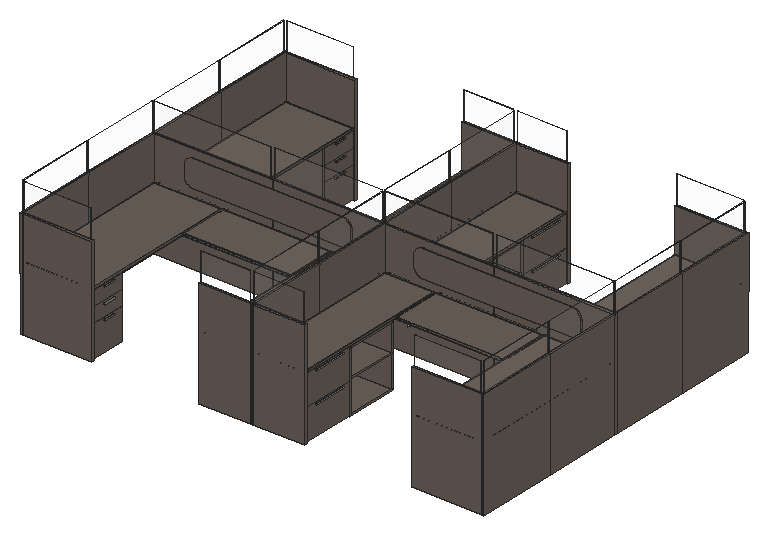
Revit family "OFS TYPICAL T200082", category Furniture, Revit 2022 (continued)
Definition of nested family "STAKS FABRIC TACKBOARD WITH ROUNDED CORNERS FOR SPINE OR DIVIDER WALL"
  Dimensions and locks (in)
    aligned and locked: plane 2 "LEFT" to Extrusion 1 sketch curve
    aligned and locked: Extrusion 1 to plane 5 "FRONT"
    aligned and locked: plane 4 "BACK" to Extrusion 1
  Automatic sketch dimensions
    plane 10 to Extrusion 1 sketch curve = 0' - 4"
    plane 6 to Extrusion 1 sketch curve = 0' - 3 7/8"  (x2)
    Extrusion 1 sketch curve to plane 7 = 0' - 3 7/8"
Definition of nested family "STAKS BENCHING CANTILEVER WORKSURFACE BRACKET - OPEN"
  Parameters (values of type "STAKS CANTILEVER WORKSURFACE BRACKET - OPEN 36in")
    Width = 0' - 1 1/2"
    URL = "http://www.ofs.com/"
    Model = "OWSBKT36"
    Manufacturer = "OFS"
    Height From Floor = 2' - 3 7/8"
    Height = 0' - 7"
    Description = "OFS STAKS BENCHING CANTILEVER WORKSURFACE BRACKET - Open Cantilever Worksurface Bracket for 36\"W Top"
    Depth = 2' - 4"
    Default Elevation = 0' - 0"
    Copyright © = "© 2018 OFS"
    Catalog = "https://ofs.com/products/open-plan/benching/staks"
    Bracket Material = none
    Authoring Version = "Autodesk Revit Architecture 2013"
    Assembly Code = "E2020200"
    Alpha = 0' - 1"
  Types (4): name | URL | Model | Manufacturer | Description | Depth | Copyright © | Catalog | Alpha
    CANTILEVER WORKSURFACE BRACKET - OPEN 14in | "http://www.ofsbrands.com/" | "OWSBKT14" | "FIRST OFFICE" | "OFS BRANDS FIRST OFFICE STAKS BENCHING CANTILEVER WORKSURFACE BRACKET - Open Cantilever Worksurface Bracket for 14\"W Top" | 0' - 11" | "© 2018 OFS BRANDS" | "http://www.firstoffice.com/products/crossover/staks_benching/" | 0' - 0 1/2"
    CANTILEVER WORKSURFACE BRACKET - OPEN 22in | "http://www.ofsbrands.com/" | "OWSBKT22" | "FIRST OFFICE" | "OFS BRANDS FIRST OFFICE STAKS BENCHING CANTILEVER WORKSURFACE BRACKET - Open Cantilever Worksurface Bracket for 22\"W Top" | 1' - 4" | "© 2018 OFS BRANDS" | "http://www.firstoffice.com/products/crossover/staks_benching/" | 0' - 0 5/8"
    CANTILEVER WORKSURFACE BRACKET - OPEN 30in | "http://www.ofsbrands.com/" | "OWSBKT30" | "FIRST OFFICE" | "OFS BRANDS FIRST OFFICE STAKS BENCHING CANTILEVER WORKSURFACE BRACKET - Open Cantilever Worksurface Bracket for 30\"W Top" | 1' - 10" | "© 2018 OFS BRANDS" | "http://www.firstoffice.com/products/crossover/staks_benching/" | 0' - 0 7/8"
    STAKS CANTILEVER WORKSURFACE BRACKET - OPEN 36in | "http://www.ofs.com/" | "OWSBKT36" | "OFS" | "OFS STAKS BENCHING CANTILEVER WORKSURFACE BRACKET - Open Cantilever Worksurface Bracket for 36\"W Top" | 2' - 4" | "© 2018 OFS" | "https://ofs.com/products/open-plan/benching/staks" | 0' - 1"
  Reference planes (in)
    plane 1: z = 0
    plane 2 "Center (Front/Back)": y = -11.12465
    plane 3 "LEFT": x = -17.25
    plane 4 "BASE TOP": z = 27.875
    plane 5 "RIGHT": x = -15.75
    plane 6: z = 20.875
    plane 7: y = 2.87535
    plane 8 "CENTER": x = -16.5
    plane 9: y = -25.12465
    plane 10: z = 25.875
    plane 11: y = 0.87535
    plane 12: z = 21.375
    plane 13: y = -24.62465
    plane 14: x = -16.375
    plane 15: x = -16.625
    plane 16: y = -23.62465
  Forms (in)
    Extrusion 1, solid, material <- "Bracket Material"
      sketch origin (-16.5, 0, 0) x (0, 1, 0) y (0, 0, 1)
        loop
          line (-25.12465, 27.875) -> (-25.12465, 27.82031) -> (0.8527, 27.82031) -> (2.82066, 25.85235) -> (2.82066, 20.875) -> (2.87535, 20.875) -> (2.87535, 25.875) -> (0.87535, 27.875) -> (-25.12465, 27.875)
      from -0.75 to 0.75
    Extrusion 2, solid
      sketch origin (-16.5, 0, 0) x (0, 1, 0) y (0, 0, 1)
        loop
          line (2.82066, 21.375) -> (2.82066, 21.66876) -> (-23.62465, 27.82031) -> (-24.62465, 27.82031) -> (2.82066, 21.375)
      from -0.125 to 0.125
    Extrusion 3, void
      sketch origin (0, -11.12465, 0) x (1, 0, 0) y (0, 0, 1)
        loop
          circle (-16.99183, 23.37543) r 0.09375
        loop
          circle (-16.99183, 25.56923) r 0.09375
        loop
          circle (-16.99183, 21.18077) r 0.09375
        loop
          line (-16.10192, 24.58008) -> (-16.10192, 24.41381)
          arc (-16.10192, 24.41381) -> (-16.00817, 24.32006) -> (-15.91442, 24.41381) r 0.09375
          line (-15.91442, 24.41381) -> (-15.91442, 24.58008)
          arc (-15.91442, 24.58008) -> (-16.00817, 24.67383) -> (-16.10192, 24.58008) r 0.09375
        loop
          arc (-16.10192, 22.16992) -> (-16.00817, 22.07617) -> (-15.91442, 22.16992) r 0.09375
          line (-15.91442, 22.16992) -> (-15.91442, 22.33619)
          arc (-15.91442, 22.33619) -> (-16.00817, 22.42994) -> (-16.10192, 22.33619) r 0.09375
          line (-16.10192, 22.33619) -> (-16.10192, 22.16992)
      from -14 to -3.47735
    Extrusion 4, void
      sketch origin (0, 0, 0) x (1, 0, 0) y (0, 1, 0)
        loop
          circle (-16.93617, 0.25038) r 0.09375
        loop
          circle (-16.06383, -1.74962) r 0.09375
        loop
          circle (-16.93617, -3.74962) r 0.09375
        loop
          circle (-16.06383, -5.74962) r 0.09375
        loop
          circle (-16.93617, -7.74962) r 0.09375
        loop
          circle (-16.06383, -9.74962) r 0.09375
        loop
          circle (-16.93617, -11.74962) r 0.09375
        loop
          circle (-16.06383, -13.74962) r 0.09375
        loop
          circle (-16.93617, -15.74962) r 0.09375
        loop
          circle (-16.06383, -17.74962) r 0.09375
        loop
          circle (-16.93617, -19.74962) r 0.09375
        loop
          circle (-16.06383, -21.74962) r 0.09375
        loop
          circle (-16.93617, -23.74962) r 0.09375
        loop
          circle (-16.06383, -25.74962) r 0.09375
        loop
          circle (-16.93617, -27.74962) r 0.09375
        loop
          circle (-16.06383, -29.74962) r 0.09375
      from 25.0365 to 29.23009
    Extrusion 5, void
      sketch origin (0, 0, 0) x (1, 0, 0) y (0, 1, 0)
        loop
          circle (-16.93617, 0.25038) r 0.09375
        loop
          circle (-16.06383, -1.74962) r 0.09375
        loop
          circle (-16.93617, -3.74962) r 0.09375
        loop
          circle (-16.06383, -5.74962) r 0.09375
        loop
          circle (-16.93617, -7.74962) r 0.09375
        loop
          circle (-16.06383, -9.74962) r 0.09375
        loop
          circle (-16.93617, -11.74962) r 0.09375
        loop
          circle (-16.06383, -13.74962) r 0.09375
        loop
          circle (-16.93617, -15.74962) r 0.09375
        loop
          circle (-16.06383, -17.74962) r 0.09375
        loop
          circle (-16.93617, -19.74962) r 0.09375
        loop
          circle (-16.06383, -21.74962) r 0.09375
        loop
          circle (-16.93617, -23.74962) r 0.09375
        loop
          circle (-16.06383, -25.74962) r 0.09375
        loop
          circle (-16.93617, -27.74962) r 0.09375
        loop
          circle (-16.06383, -29.74962) r 0.09375
      from 25.0365 to 29.23009
  Cuts and joins
    Extrusion 3, Extrusion 4 cuts Extrusion 1
  Dimensions and locks (in)
    "Height From Floor": plane 4 "BASE TOP" to plane 1
    "Height": plane 4 "BASE TOP" to plane 6
    equal spacing: plane 3 "LEFT", plane 8 "CENTER", plane 5 "RIGHT"
    equal spacing: plane 9, plane 2 "Center (Front/Back)", plane 7
    "Width": plane 3 "LEFT" to plane 5 "RIGHT"
    "Depth": plane 9 to plane 7
    locked: plane 4 "BASE TOP" to plane 10 at 2
    locked: plane 7 to plane 11 at 2
    locked: plane 13 to plane 9 at 0.5
    locked: plane 6 to plane 12 at 0.5
    plane 14 to plane 8 "CENTER" to plane 15 = 0' - 0 1/8" locked, 0' - 0 1/8" locked
    "Alpha": plane 16 to plane 13
    aligned and locked: level to plane 1
    aligned and locked: Extrusion 1 sketch curve to plane 4 "BASE TOP"
    aligned and locked: plane 7 to Extrusion 1 sketch curve
    aligned and locked: plane 9 to Extrusion 1 sketch curve
    aligned and locked: plane 6 to Extrusion 1 sketch curve
    aligned and locked: Extrusion 1 to plane 3 "LEFT"
    aligned and locked: plane 5 "RIGHT" to Extrusion 1
    aligned and locked: Extrusion 2 sketch curve to Extrusion 1
    aligned and locked: plane 15 to Extrusion 2
    aligned and locked: plane 14 to Extrusion 2
    aligned and locked: Extrusion 1 to Extrusion 2 sketch curve
    aligned and locked: Extrusion 3 to plane 7
  Automatic sketch dimensions
    plane 7 to Extrusion 1 sketch curve = 0' - 0 7/128"
    Extrusion 1 sketch curve to plane 11 = 0' - 0"
    plane 10 to Extrusion 1 sketch curve = 0' - 0"
    plane 11 to Extrusion 1 sketch curve = 0' - 0.02265"
    plane 10 to Extrusion 1 sketch curve = 0' - 0.02265"
    plane 4 "BASE TOP" to Extrusion 1 sketch curve = 0' - 0 7/128"
    Extrusion 2 sketch curve to plane 13 = 0' - 0"
    plane 12 to Extrusion 2 sketch curve = 0' - 0"
    Extrusion 2 sketch curve to plane 16 = 0' - 0"
    Extrusion 2 sketch curve to Extrusion 2 sketch curve = 0' - 0.29376"
    plane 14 to Extrusion 3 sketch curve = 0' - 0.27308"
    Extrusion 3 sketch curve to plane 5 "RIGHT" = 0' - 0.16442"  (x2)
    Extrusion 3 sketch curve to plane 12 = 0' - 0.79492"
    Extrusion 3 sketch curve to Extrusion 3 sketch curve = 0' - 0 3/16"
    plane 3 "LEFT" to Extrusion 3 sketch curve = 0' - 0.25817"  (x3)
    Extrusion 3 sketch curve to Extrusion 3 sketch curve = 0' - 0.16626"  (x2)
    plane 10 to Extrusion 3 sketch curve = 0' - 1.46119"
    plane 12 to Extrusion 3 sketch curve = 0' - 0.19423"
    Extrusion 3 sketch curve to Extrusion 3 sketch curve = 0' - 1.03838"
    plane 10 to Extrusion 3 sketch curve = 0' - 0.30577"
    Extrusion 4 sketch curve to Extrusion 4 sketch curve = 0' - 2"  (x15)
    Extrusion 4 sketch curve to Extrusion 4 sketch curve = 0' - 0"  (x7)
    Extrusion 4 sketch curve to Extrusion 4 sketch curve = 0' - 0.87233"  (x8)
    Extrusion 5 sketch curve to Extrusion 5 sketch curve = 0' - 2"  (x15)
    Extrusion 5 sketch curve to Extrusion 5 sketch curve = 0' - 0"  (x7)
    Extrusion 5 sketch curve to Extrusion 5 sketch curve = 0' - 0.87233"  (x8)
    radius of Extrusion 3 sketch curve = 0' - 0 3/32"  (x3)
    radius of Extrusion 4 sketch curve = 0' - 0 3/32"  (x16)
    radius of Extrusion 5 sketch curve = 0' - 0 3/32"  (x16)
